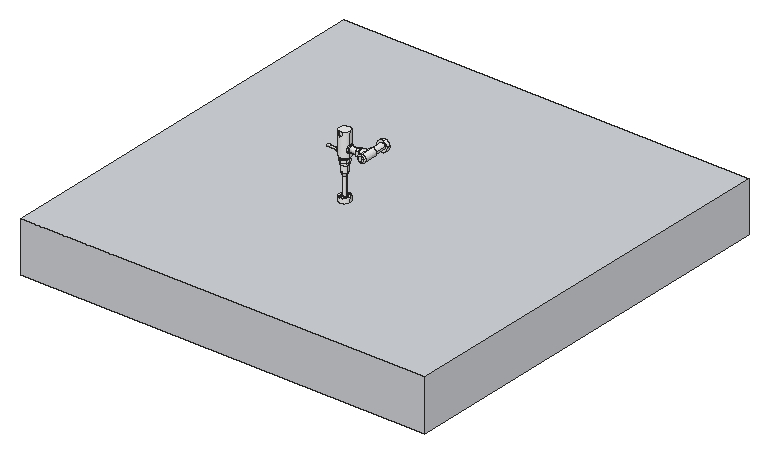
Revit family (continued)
Dimensions and locks (in)
  aligned and locked: curve 94 to cut or joined group 1 (Revolve 8, Blend 9, Revolve 10, Revolve 11, Blend 12, Blend 13, Blend 14, Revolve 15, Blend 16, Blend 17, Extrusion 21)
  aligned and locked: curve 95 to cut or joined group 1
  aligned and locked: curve 96 to Masking region 1
  aligned and locked: curve 97 to Masking region 1
  aligned and locked: curve 98 to cut or joined group 1
  aligned and locked: curve 99 to cut or joined group 1
  aligned and locked: curve 100 to cut or joined group 1
  aligned and locked: curve 101 to cut or joined group 1
  aligned and locked: curve 102 to cut or joined group 1
  aligned and locked: curve 103 to cut or joined group 1
  aligned and locked: plane 139 to cut or joined group of Blend 2, Blend 3, Blend 4, Blend 18, Blend 19, Blend 22, Blend 23, Blend 24
  aligned and locked: Blend 22 to plane 139
  aligned and locked: plane 140 to Blend 22
  aligned and locked: Blend 23 to plane 140
  aligned and locked: plane 141 to Blend 24
  aligned and locked: Blend 24 to plane 2 "Bottom"
  aligned and locked: Blend 23 to plane 142
  aligned and locked: cut or joined group of Blend 2, Blend 3, Blend 4, Blend 18, Blend 19, Blend 22, Blend 23, Blend 24 to plane 141
  aligned and locked: plane 142 to cut or joined group of Blend 2, Blend 3, Blend 4, Blend 18, Blend 19, Blend 22, Blend 23, Blend 24
  aligned and locked: Masking region 1 sketch curve to plane 142  (x2)
  aligned and locked: Masking region 1 sketch curve to plane 141  (x2)
  aligned and locked: plane 2 "Bottom" to Masking region 1 sketch curve
  aligned and locked: plane 143 to Masking region 1 sketch curve
  aligned and locked: plane 144 to Masking region 1 sketch curve
  aligned and locked: plane 146 to Masking region 1 sketch curve
  aligned and locked: plane 147 to Masking region 1 sketch curve
  aligned and locked: Masking region 1 sketch curve to plane 148
  aligned and locked: plane 149 to Masking region 1 sketch curve
  aligned and locked: plane 150 to Masking region 1 sketch curve
  aligned and locked: plane 145 to Masking region 1 sketch curve
  aligned and locked: plane 140 to Masking region 1 sketch curve  (x2)
  aligned and locked: plane 139 to Masking region 1 sketch curve  (x2)
  aligned and locked: curve 104 to cut or joined group of Blend 2, Blend 3, Blend 4, Blend 18, Blend 19, Blend 22, Blend 23, Blend 24
  aligned and locked: curve 105 to cut or joined group of Blend 2, Blend 3, Blend 4, Blend 18, Blend 19, Blend 22, Blend 23, Blend 24
  aligned and locked: curve 106 to cut or joined group of Blend 2, Blend 3, Blend 4, Blend 18, Blend 19, Blend 22, Blend 23, Blend 24
  aligned and locked: curve 107 to Blend 24
  aligned and locked: curve 108 to Blend 23
  aligned and locked: curve 109 to Blend 22
  aligned and locked: Masking region 5 sketch curve to curve 81
  aligned and locked: cut or joined group of Blend 2, Blend 3, Blend 4, Blend 18, Blend 19, Blend 22, Blend 23, Blend 24 to Masking region 5 sketch curve
  aligned and locked: curve 110 to cut or joined group of Blend 2, Blend 3, Blend 4, Blend 18, Blend 19, Blend 22, Blend 23, Blend 24
  aligned and locked: curve 111 to cut or joined group of Blend 2, Blend 3, Blend 4, Blend 18, Blend 19, Blend 22, Blend 23, Blend 24
  aligned and locked: curve 112 to cut or joined group of Blend 2, Blend 3, Blend 4, Blend 18, Blend 19, Blend 22, Blend 23, Blend 24
  aligned and locked: curve 113 to cut or joined group of Blend 2, Blend 3, Blend 4, Blend 18, Blend 19, Blend 22, Blend 23, Blend 24
  aligned and locked: curve 114 to cut or joined group of Blend 2, Blend 3, Blend 4, Blend 18, Blend 19, Blend 22, Blend 23, Blend 24
  aligned and locked: curve 115 to Masking region 5
  aligned and locked: curve 116 to Masking region 5
Automatic sketch dimensions
  Extrusion 1 sketch curve to Extrusion 1 sketch curve = 8' - 0"  (x2)
  plane 5 to Blend 14 sketch curve = 0' - 0"  (x2)
  Blend 14 sketch curve to plane 6 "Front/Back Center" = 0' - 0"  (x2)
  Blend 2 sketch curve to plane 4 = 0' - 0"  (x2)
  plane 6 "Front/Back Center" to Blend 2 sketch curve = 0' - 0"  (x2)
  Blend 2 sketch curve to Blend 2 sketch curve = 0' - 0"  (x2)
  plane 4 to Blend 2 sketch curve = 0' - 0.74995"
  Blend 3 sketch curve to plane 4 = 0' - 0"  (x2)
  plane 6 "Front/Back Center" to Blend 3 sketch curve = 0' - 0"  (x2)
  Blend 4 sketch curve to plane 4 = 0' - 0"  (x2)
  plane 6 "Front/Back Center" to Blend 4 sketch curve = 0' - 0"  (x2)
  Blend 5 sketch curve to plane 4 = 0' - 0"  (x2)
  plane 6 "Front/Back Center" to Blend 5 sketch curve = 0' - 0"  (x2)
  plane 4 to Revolve 6 sketch curve = 0' - 0"  (x2)
  Revolve 6 sketch curve to plane 11 = 0' - 0"
  plane 4 to Revolve 6 sketch curve = 0' - 0.86594"
  Revolve 6 sketch curve to Revolve 6 sketch curve = 0' - 0.03951"
  Revolve 6 sketch curve to plane 12 = 0' - 0.00305"
  Revolve 6 sketch curve to plane 12 = 0' - 0.00609"
  Blend 7 sketch curve to plane 4 = 0' - 0"  (x2)
  plane 6 "Front/Back Center" to Blend 7 sketch curve = 0' - 0"  (x2)
  plane 4 to Revolve 8 sketch curve = 0' - 0"  (x2)
  Revolve 8 sketch curve to plane 14 = 0' - 0"
  plane 4 to Revolve 8 sketch curve = 0' - 0.86664"
  Revolve 8 sketch curve to Revolve 8 sketch curve = 0' - 0.32796"
  Revolve 8 sketch curve to Revolve 8 sketch curve = 0' - 0.01711"
  Blend 9 sketch curve to plane 4 = 0' - 0"  (x2)
  plane 6 "Front/Back Center" to Blend 9 sketch curve = 0' - 0"  (x2)
  plane 4 to Revolve 10 sketch curve = 0' - 0"
  plane 16 to Revolve 10 sketch curve = 0' - 0.05546"
  Revolve 10 sketch curve to Revolve 10 sketch curve = 0' - 0"  (x3)
  Revolve 10 sketch curve to Revolve 10 sketch curve = 0' - 0.05908"
  Revolve 10 sketch curve to Revolve 10 sketch curve = 0' - 1.75628"
  Revolve 10 sketch curve to Revolve 10 sketch curve = 0' - 0.66375"
  Revolve 10 sketch curve to Revolve 10 sketch curve = 0' - 0.03401"
  Revolve 10 sketch curve to plane 16 = 0' - 0.04916"
  Revolve 10 sketch curve to plane 16 = 0' - 0.11735"
  Revolve 10 sketch curve to Revolve 10 sketch curve = 0' - 0.02966"
  Revolve 10 sketch curve to Revolve 10 sketch curve = 0' - 0.2224"
  plane 4 to Revolve 11 sketch curve = 0' - 0"  (x2)
  plane 18 to Revolve 11 sketch curve = 0' - 0"
  Revolve 11 sketch curve to plane 5 = 0' - 0"  (x2)
  plane 17 to Revolve 11 sketch curve = 0' - 0"
  plane 18 to Revolve 11 sketch curve = 0' - 0.24409"
  plane 18 to Revolve 11 sketch curve = 0' - 0.08659"
  plane 17 to Revolve 11 sketch curve = 0' - 0.07492"
  Revolve 11 sketch curve to Revolve 11 sketch curve = 0' - 0.05124"
  Blend 12 sketch curve to plane 6 "Front/Back Center" = 0' - 0"  (x4)
  Blend 12 sketch curve to plane 20 = 0' - 0.33131"  (x2)
  plane 23 to Blend 12 sketch curve = 0' - 0.73402"  (x2)
  Blend 12 sketch curve to plane 5 = 0' - 0.47188"  (x4)
  Blend 13 sketch curve to plane 15 "Top" = 0' - 0.03972"  (x2)
  plane 4 to Blend 13 sketch curve = 0' - 0 115/256"
  Blend 13 sketch curve to plane 4 = 0' - 0.00005"  (x2)
  plane 15 "Top" to Blend 13 sketch curve = 0' - 0.57066"  (x2)
  plane 4 to Blend 13 sketch curve = 0' - 0.41667"
  plane 5 to Revolve 15 sketch curve = 0' - 0"  (x2)
  Revolve 15 sketch curve to plane 22 = 0' - 0"
  Revolve 15 sketch curve to plane 23 = 0' - 0"
  plane 22 to Revolve 15 sketch curve = 0' - 0.00608"
  plane 24 to Revolve 15 sketch curve = 0' - 0.14805"
  plane 20 to Revolve 15 sketch curve = 0' - 0.0308"
  Revolve 15 sketch curve to plane 23 = 0' - 0.63502"
  Blend 16 sketch curve to plane 3 "Center (Left/Right)" = 0' - 0"  (x2)
  Blend 16 sketch curve to plane 5 = 0' - 0"  (x2)
  Blend 17 sketch curve to plane 3 "Center (Left/Right)" = 0' - 0"  (x2)
  Blend 17 sketch curve to plane 5 = 0' - 0"  (x2)
  plane 6 "Front/Back Center" to Blend 18 sketch curve = 0' - 0"  (x4)
  Blend 18 sketch curve to plane 4 = 0' - 0"  (x4)
  plane 4 to Blend 18 sketch curve = 0' - 1.03333"  (x2)
  plane 18 to Blend 18 sketch curve = 0' - 0.47056"  (x2)
  Blend 18 sketch curve to plane 20 = 0' - 0.55205"  (x4)
  plane 20 to Blend 18 sketch curve = 0' - 0.04455"  (x2)
  Blend 18 sketch curve to plane 6 "Front/Back Center" = 0' - 0.59659"  (x4)
  plane 23 to Blend 18 sketch curve = 0' - 0.35816"  (x2)
  Revolve 11 sketch curve to plane 5 = 0' - 0.65644"
  Blend 12 sketch curve to plane 5 = 0' - 0.94377"  (x2)
  Revolve 10 sketch curve to Revolve 10 sketch curve = 0' - 0.21521"
  Revolve 10 sketch curve to Revolve 10 sketch curve = 0' - 0.11592"
  Revolve 10 sketch curve to plane 14 = 0' - 0.69742"
  Revolve 10 sketch curve to Revolve 10 sketch curve = 0' - 0.50191"
  plane 5 to Blend 12 sketch curve = 0' - 0.47188"  (x4)
  Blend 12 sketch curve to plane 14 = 0' - 0.86794"  (x2)
  Masking region 2 sketch curve to Masking region 2 sketch curve = 0' - 0"  (x2)
  Masking region 2 sketch curve to Masking region 2 sketch curve = 0' - 0.63459"
  plane 18 to Masking region 2 sketch curve = 0' - 0.09162"  (x2)
  plane 6 "Front/Back Center" to Masking region 2 sketch curve = 0' - 0"
  Masking region 2 sketch curve to plane 27 = 0' - 0"
  curve 44 to plane 3 "Center (Left/Right)" = 0' - 0"
  plane 6 "Front/Back Center" to curve 53 = 0' - 0"
  plane 6 "Front/Back Center" to curve 54 = 0' - 0"
  curve 55 to curve 59 = 0' - 0.20786"
  curve 58 to curve 65 = 0' - 0.13032"
  plane 18 to curve 63 = 0' - 0.58891"
  curve 64 to plane 20 = 0' - 0.28351"
  curve 58 to curve 63 = 0' - 0.14227"
  curve 59 to curve 64 = 0' - 0.14236"
  curve 43 to plane 19 = 0' - 0.22211"
  curve 46 to plane 19 = 0' - 0.5972"
  curve 45 to plane 19 = 0' - 0.5972"
  plane 3 "Center (Left/Right)" to curve 44 = 0' - 0.87491"
  plane 3 "Center (Left/Right)" to curve 43 = 0' - 1 1/4"
  curve 46 to plane 20 = 0' - 0.31308"
  curve 64 to curve 52 = 0' - 0.15745"
  curve 53 to curve 63 = 0' - 0.15798"
  curve 47 to curve 46 = 0' - 0.01823"
  plane 23 to curve 69 = 0' - 0.29176"
  curve 69 to plane 5 = 0' - 0.87491"
  curve 70 to plane 21 = 0' - 0.00542"
  curve 70 to plane 5 = 0' - 0.87491"
  plane 5 to curve 70 = 0' - 0.87491"
  plane 5 to curve 69 = 0' - 0.87491"
  plane 23 to curve 84 = 0' - 0.29176"
  plane 23 to curve 85 = 0' - 0.29176"
  curve 85 to plane 21 = 0' - 0.00542"
  curve 84 to plane 21 = 0' - 0.00542"
  Extrusion 20 sketch curve to plane 55 "Left" = 0' - 0"
  plane 56 "Front" to Extrusion 20 sketch curve = 0' - 0"
  Extrusion 20 sketch curve to plane 57 "Right" = 0' - 0"
  plane 1 "Back" to Extrusion 20 sketch curve = 0' - 0"
  plane 19 to curve 96 = 0' - 0"
  plane 19 to curve 97 = 0' - 0"
  curve 89 to curve 87 = 0' - 0.47188"
  curve 86 to curve 87 = 0' - 0.47188"
  curve 88 to curve 89 = 0' - 0.47188"
  curve 88 to curve 86 = 0' - 0.47188"
  Blend 22 sketch curve to plane 4 = 0' - 0"  (x2)
  plane 6 "Front/Back Center" to Blend 22 sketch curve = 0' - 0"  (x2)
  Blend 23 sketch curve to plane 4 = 0' - 0"  (x2)
  plane 6 "Front/Back Center" to Blend 23 sketch curve = 0' - 0"  (x2)
  curve 56 to curve 58 = 0' - 0"  (x2)
  curve 56 to curve 59 = 0' - 0"  (x2)
  curve 54 to curve 58 = 0' - 0.20786"
  curve 59 to curve 66 = 0' - 0.13032"
  Blend 24 sketch curve to plane 4 = 0' - 0"  (x2)
  plane 6 "Front/Back Center" to Blend 24 sketch curve = 0' - 0"  (x2)
  plane 6 "Front/Back Center" to Blend 19 sketch curve = 0' - 0"  (x4)
  Blend 19 sketch curve to plane 4 = 0' - 0.3651"  (x4)
  Blend 19 sketch curve to Blend 19 sketch curve = 0' - 0.3651"  (x2)
  Blend 19 sketch curve to plane 20 = 0' - 0.51628"  (x2)
  Blend 19 sketch curve to plane 6 "Front/Back Center" = 0' - 0.63236"  (x2)
  plane 4 to Blend 19 sketch curve = 0' - 0.3651"  (x4)
  plane 4 to Blend 19 sketch curve = 0' - 0.73019"  (x2)
  Masking region 1 sketch curve to Masking region 1 sketch curve = 0' - 0"
  plane 71 to Masking region 1 sketch curve = 0' - 0"  (x2)
  Masking region 1 sketch curve to plane 11 = 0' - 0"  (x2)
  Masking region 1 sketch curve to plane 12 = 0' - 0"  (x2)
  Masking region 1 sketch curve to plane 14 = 0' - 0"
  plane 17 to Masking region 1 sketch curve = 0' - 0"  (x2)
  plane 19 to Masking region 1 sketch curve = 0' - 0"  (x2)
  Masking region 1 sketch curve to plane 3 "Center (Left/Right)" = 0' - 0"
  Masking region 1 sketch curve to plane 7 = 0' - 0"  (x2)
  Masking region 1 sketch curve to plane 8 = 0' - 0"  (x2)
  Masking region 1 sketch curve to plane 9 = 0' - 0"  (x2)
  Masking region 1 sketch curve to plane 10 = 0' - 0"  (x2)
  Masking region 1 sketch curve to plane 13 = 0' - 0"  (x2)
  plane 103 to Masking region 1 sketch curve = 0' - 0.15945"
  Masking region 1 sketch curve to plane 73 = 0' - 0.63023"
  Masking region 1 sketch curve to plane 73 = 0' - 0.00019"
  Masking region 1 sketch curve to plane 72 = 0' - 0.00862"  (x2)
  Masking region 1 sketch curve to plane 58 = 0' - 0.00005"
  Masking region 1 sketch curve to plane 58 = 0' - 0.05247"
  Masking region 1 sketch curve to plane 12 = 0' - 0.00766"
  Masking region 1 sketch curve to plane 80 = 0' - 0.00043"
  plane 78 to Masking region 1 sketch curve = 0' - 0.00956"
  Masking region 1 sketch curve to plane 74 = 0' - 0.00004"
  plane 4 to curve 108 = 0' - 0 3/8"
  curve 106 to curve 104 = 0' - 0.3651"
  plane 4 to curve 109 = 0' - 0.74995"
  curve 107 to curve 106 = 0' - 0.47921"
  curve 108 to plane 4 = 0' - 0 3/8"
  curve 105 to curve 106 = 0' - 0.3651"
  curve 109 to plane 4 = 0' - 0.74995"
  plane 18 to curve 107 = 0' - 0.29449"
  Masking region 5 sketch curve to level = 0' - 0"
  Masking region 5 sketch curve to plane 141 = 0' - 0"  (x2)
  plane 140 to Masking region 5 sketch curve = 0' - 0"  (x2)
  plane 139 to Masking region 5 sketch curve = 0' - 0"  (x2)
  Masking region 5 sketch curve to plane 56 "Front" = 0' - 0.00056"
  Masking region 5 sketch curve to plane 21 = 0' - 0.00201"
  Masking region 5 sketch curve to plane 121 = 0' - 0.01147"
  Masking region 5 sketch curve to plane 20 = 0' - 0.07427"
  plane 126 to Masking region 5 sketch curve = 0' - 0.37388"
  Masking region 5 sketch curve to plane 133 = 0' - 0.37495"
  Masking region 5 sketch curve to plane 12 = 0' - 0.03986"
  plane 134 to Masking region 5 sketch curve = 0' - 0.0901"
  plane 138 to Masking region 5 sketch curve = 0' - 0.01126"
  plane 118 to Masking region 5 sketch curve = 0' - 0.00221"
  plane 10 to Masking region 5 sketch curve = 0' - 0.00053"
  plane 13 to Masking region 5 sketch curve = 0' - 0.01722"  (x2)
  curve 116 to plane 139 = 0' - 0"
  plane 140 to curve 115 = 0' - 0"
  curve 72 to plane 6 "Front/Back Center" = 0' - 0"
  curve 76 to plane 6 "Front/Back Center" = 0' - 0"
  curve 116 to plane 20 = 0' - 0.39976"
  curve 74 to plane 20 = 0' - 0.2827"
  curve 73 to curve 74 = 0' - 0.0007"
  curve 76 to curve 74 = 0' - 0.03951"
  curve 77 to curve 76 = 0' - 0.03924"
  curve 81 to plane 20 = 0' - 0.19402"
  curve 80 to plane 20 = 0' - 0.16455"
  plane 20 to curve 79 = 0' - 0.04455"
  plane 20 to curve 78 = 0' - 0.04455"
  curve 113 to plane 21 = 0' - 0.05632"
  curve 71 to plane 21 = 0' - 0.00613"
  plane 6 "Front/Back Center" to curve 115 = 0' - 0 3/8"
  curve 115 to plane 6 "Front/Back Center" = 0' - 0 3/8"
  curve 116 to plane 6 "Front/Back Center" = 0' - 0.74995"
  curve 82 to curve 74 = 0' - 0.26934"
  curve 74 to curve 72 = 0' - 0.0007"
  curve 74 to curve 75 = 0' - 0.03951"
  curve 75 to curve 77 = 0' - 0.03924"
  curve 110 to curve 81 = 0' - 0.32225"
  plane 23 to curve 80 = 0' - 0.56726"
  plane 23 to curve 79 = 0' - 0.35816"
  curve 77 to curve 78 = 0' - 0.2485"
  curve 81 to curve 113 = 0' - 0.25478"
  plane 23 to curve 71 = 0' - 0.29176"
  curve 67 to plane 14 = 0' - 0.56171"
  plane 5 to curve 68 = 0' - 0.87491"
  curve 68 to plane 5 = 0' - 0.87491"
  curve 67 to plane 5 = 0' - 1 1/4"
  radius of Blend 14 sketch curve = 0' - 0.83556"  (x2)
  radius of Blend 2 sketch curve = 0' - 0.74995"
  radius of Blend 3 sketch curve = 0' - 0.98409"  (x2)
  radius of Blend 4 sketch curve = 0' - 0.94469"  (x2)
  radius of Blend 5 sketch curve = 0' - 0.94469"
  radius of Blend 5 sketch curve = 0' - 0.90545"
  radius of Blend 7 sketch curve = 0' - 0.86594"  (x2)
  radius of Blend 9 sketch curve = 0' - 1.25958"  (x2)
  radius of Blend 16 sketch curve = 0' - 0.688"  (x2)
  radius of Blend 17 sketch curve = 0' - 1.27845"
  radius of Blend 17 sketch curve = 0' - 1 1/4"
  radius of Blend 22 sketch curve = 0' - 0 3/8"
  radius of Blend 22 sketch curve = 0' - 0.74995"
  radius of Blend 23 sketch curve = 0' - 0 3/8"  (x2)
  radius of Blend 24 sketch curve = 0' - 1.26322"
  radius of Blend 24 sketch curve = 0' - 1.2094"
Connectors (in)
  piping at (0, 0, 11.41556), driven by "Cold Water Radius", driven by "CW Connection", driven by "Cold Water Connector", driven by "Flush Rate", driven by "CWFU"
    settings: on cut or joined group 1, index 1, connector radius 0.688", flow factor 0, pipe flow 0.5 GPM, pressure drop 0.00 psi, fitting loss kfactor 0, connector angle 0.00°, fixture units 0, flow configuration 3, flow direction 1, fitting loss method 0, system type 20, connector reference index -1, connector utility 1, adjustable connector yes, is connector primary yes, fitting loss table "", connector description "Cold Water Connection"
